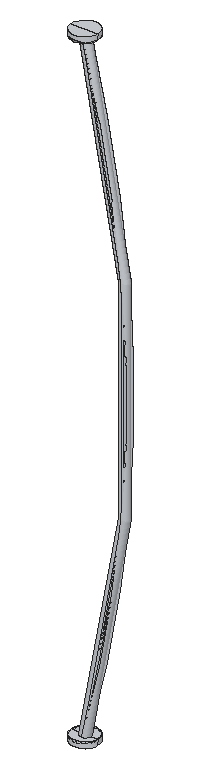
Revit family "Accessory-Shower_Rod-KOHLER-Expanse-K-9351", category Generic Models, host Face, Revit 2015
Parameters (values of type "S-Polished Stainless")
  Width = 2 13/16"  # constant formula
  URL = "http://www.us.kohler.com/us/"
  Type = 1
  Product Page URL = "http://www.us.kohler.com/onlinecatalog/detail.jsp?prod_num=9351"
  Product Name = "Expanse"  # constant formula
  Product Documentation Link = "http://www.us.kohler.com/onlinecatalog/pdf/K-9351_spec.pdf"
  Model = if(Type = 1, "K-9351-S", if(Type = 2, "K-9351-BS", "NA"))  # "K-9351-S"
  Material = "Stainless Steel"  # constant formula
  MasterFormat 2004 = "10.28.13"  # constant formula
  MasterFormat 1995 = "10820"  # constant formula
  Manufacturer Address = "444 Highland Drive, Kohler, WI 53044"  # constant formula
  Manufacturer = "Kohler"  # constant formula
  Length [instance] = 66"
  Height = 6 73/128"  # constant formula
  Finish = Metal-Kohler-S-Polished Stainless
  Description = "Expanse Curved shower rod - contemporary design"  # constant formula
  Default Elevation = 42"
  Date Modified = "09/15/2017"  # constant formula
  Date Created = "08/30/2017"  # constant formula
  Copyright = "Copyright by Kohler Co."  # constant formula
  Contact Us = "https://www.us.kohler.com/us/static/contact.jsp"
  Assembly Code = "C1030200"
  ADA Compliant = yes
Types (2): name | Type | Model | Finish
  S-Polished Stainless | 1 | "K-9351-S" | Metal-Kohler-S-Polished Stainless
  BS-Brushed Stainless | 2 | "K-9351-BS" | Metal-Kohler-BS-Brushed Stainless
Reference planes (in)
  plane 1 "Center (Front/Back)": y = 0
  plane 2: z = 0
  plane 3 "Center (Left/Right)": x = 0
  plane 4: y = 1.40625
  plane 5: y = -1.40625
  plane 6: x = -1.4006
  plane 7: x = 5.16971
  plane 8: z = 66
Dimensions and locks (in)
  "Width": plane 4 to plane 5
  "Length": plane 8 to level
  "Height": plane 6 to plane 7
  aligned and locked: plane 2 to host face
  aligned and locked: level to host face
Automatic sketch dimensions
  host sketch curve to host sketch curve = 96"  (x2)
Nested families (in)
  nested 1: "K-9351" at (0, 0, 0) x (-1, 0, 0) z (0, 0, 1), type "K-9351"
Definition of nested family "K-9351"
  Parameters (values of type "K-9351")
    Material = none
    Length = 66"
    Data = yes
  Reference planes (in)
    plane 1 "Center (Front/Back)": y = 0
    plane 2: z = 0
    plane 3 "Center (Left/Right)": x = 0
    plane 4 "Ref 1": z = 66
    plane 5: z = 65.72564
    plane 6: z = 0.27344
  Forms (in)
    Revolve 1, solid, material <- "Material"
      sketch origin (0, 0, 0) x (1, 0, 0) y (0, 0, 1)
        loop
          line (-1.39961, 0) -> (0, 0) -> (0, 0.53317) -> (-1.35978, 0.53317)
          arc (-1.35978, 0.53317) -> (-1.38794, 0.5215) -> (-1.39961, 0.49333) r 0.03983
          line (-1.39961, 0.49333) -> (-1.39961, 0)
        axis (0, 0.53317) -> (0, 0)
      angle from 0 to 360
    Revolve 2, solid, material <- "Material"
      sketch origin (0, 0, 58) x (1, 0, 0) y (0, 0, -1)
        loop
          line (-1.39961, -8) -> (0, -8) -> (0, -7.46683) -> (-1.35978, -7.46683)
          arc (-1.35978, -7.46683) -> (-1.38794, -7.4785) -> (-1.39961, -7.50667) r 0.03983
          line (-1.39961, -7.50667) -> (-1.39961, -8)
        axis (0, -7.46683) -> (0, -8)
      angle from 0 to 360
    Sweep 3, solid, material <- "Material"
      path origin (0, 0, 0) x (1, 0, 0) y (0, 0, 1)
        loop
          arc (0, 65.72564) -> (-4.66406, 32.99954) -> (0, 0.27344) r 117.14594
      profile origin (-4.66406, 0, 32.99954) x (0, -1, 0) y (1, 0, 0)
        loop
          circle (0, 0) r 0.5
  Cuts and joins
    joined: Revolve 1, Revolve 2, Sweep 3
  Lines and regions (in)
    Masking region 1
      outline origin (0, 0, 0) x (1, 0, 0) y (0, 0, 1)
        loop
          line (-1.39961, 66) -> (-1.39961, 65.50422)
          arc (-1.39961, 65.50422) -> (-1.38866, 65.4778) -> (-1.36223, 65.46685) r 0.03737
          line (-1.36223, 65.46685) -> (-0.59457, 65.46685)
          arc (-0.59457, 65.46685) -> (-5.18779, 33.00001) -> (-0.59457, 0.53317) r 117.04129
          line (-0.59457, 0.53317) -> (-1.36121, 0.53317)
          arc (-1.36121, 0.53317) -> (-1.38836, 0.52192) -> (-1.39961, 0.49477) r 0.03839
          line (-1.39961, 0.49477) -> (-1.39961, 0) -> (1.39961, 0) -> (1.39961, 0.4941)
          arc (1.39961, 0.4941) -> (1.38816, 0.52172) -> (1.36054, 0.53317) r 0.03906
          line (1.36054, 0.53317) -> (0.44684, 0.53317)
          arc (0.44684, 0.53317) -> (-4.15687, 33.00002) -> (0.44711, 65.46683) r 116.78189
          line (0.44711, 65.46683) -> (1.36054, 65.46683)
          arc (1.36054, 65.46683) -> (1.38816, 65.47828) -> (1.39961, 65.5059) r 0.03906
          line (1.39961, 65.5059) -> (1.39961, 66) -> (-1.39961, 66)
    Masking region 2
      outline origin (0, 0, 0) x (0, 1, 0) y (0, 0, 1)
        loop
          line (-1.39961, 66) -> (-1.39961, 65.5059)
          arc (-1.39961, 65.5059) -> (-1.38816, 65.47828) -> (-1.36054, 65.46683) r 0.03906
          line (-1.36054, 65.46683) -> (-0.4989, 65.46683) -> (-0.4989, 0.53317) -> (-1.36054, 0.53317)
          arc (-1.36054, 0.53317) -> (-1.38816, 0.52172) -> (-1.39961, 0.4941) r 0.03906
          line (-1.39961, 0.4941) -> (-1.39961, 0) -> (1.39961, 0) -> (1.39961, 0.4941)
          arc (1.39961, 0.4941) -> (1.38816, 0.52172) -> (1.36054, 0.53317) r 0.03906
          line (1.36054, 0.53317) -> (0.4989, 0.53317) -> (0.4989, 65.46683) -> (1.3613, 65.46683)
          arc (1.3613, 65.46683) -> (1.38839, 65.47805) -> (1.39961, 65.50514) r 0.03831
          line (1.39961, 65.50514) -> (1.39961, 66) -> (-1.39961, 66)
    Masking region 3
      outline origin (0, 0, 0) x (1, 0, 0) y (0, 1, 0)
        loop
          line (-1.30725, 0.5) -> (-4.6698, 0.5)
          arc (-4.6698, 0.5) -> (-5.1698, 0) -> (-4.6698, -0.5) r 0.5
          line (-4.6698, -0.5) -> (-1.30725, -0.5)
          arc (-1.30725, -0.5) -> (1.39961, 0) -> (-1.30725, 0.5) r 1.39961
    symbolic lines, detail levels medium+fine
      curve 1: arc (-1.30725, -0.5, 0) -> (-1.39961, 0, 0) -> (-1.30725, 0.5, 0) r 1.39961
  Dimensions and locks (in)
    locked: Revolve 1 sketch curve to Revolve 1 sketch curve at 0.53317
    locked: Revolve 1 sketch curve to Revolve 1 sketch curve at 1.39961
    locked: Revolve 2 sketch curve to Revolve 2 sketch curve at 0.53317
    locked: Revolve 2 sketch curve to Revolve 2 sketch curve at 1.39961
    locked: plane 4 "Ref 1" to plane 5 at 0.27436
    locked: plane 6 to level at 0.27344
    "Length": plane 4 "Ref 1" to level
    aligned and locked: plane 2 to level
    aligned and locked: Revolve 2 to plane 4 "Ref 1"
    aligned and locked: Masking region 1 sketch curve to plane 4 "Ref 1"
    aligned and locked: Masking region 1 sketch curve to Masking region 1 sketch curve  (x2)
    aligned and locked: Masking region 2 sketch curve to cut or joined group of Revolve 1, Revolve 2, Sweep 3  (x4)
    aligned and locked: Masking region 2 sketch curve to Masking region 2 sketch curve  (x2)
  Automatic sketch dimensions
    Revolve 1 sketch curve to level = 0"  (x2)
    Revolve 1 sketch curve to plane 3 "Center (Left/Right)" = 0"  (x2)
    Revolve 1 sketch curve to Revolve 1 sketch curve = 0.03983"
    Revolve 1 sketch curve to level = 0.40273"
    Revolve 2 sketch curve to plane 4 "Ref 1" = 0"
    Revolve 2 sketch curve to plane 3 "Center (Left/Right)" = 0"  (x2)
    Revolve 2 sketch curve to Revolve 2 sketch curve = 0.03983"
    Revolve 2 sketch curve to Revolve 2 sketch curve = 13.20863"
    Revolve 2 sketch curve to Revolve 2 sketch curve = 0.40273"
    Sweep 3 sketch curve to plane 3 "Center (Left/Right)" = 0"  (x2)
    Sweep 3 sketch curve to plane 6 = 0"
    Sweep 3 sketch curve to plane 5 = 0"
    plane 3 "Center (Left/Right)" to Sweep 3 sketch curve = 112.48188"
    plane 1 "Center (Front/Back)" to Sweep 3 sketch curve = 0"
    Sweep 3 sketch curve to profile plane = 0"
    Masking region 1 sketch curve to level = 0"
    Masking region 1 sketch curve to plane 3 "Center (Left/Right)" = 1.39961"  (x2)
    Masking region 1 sketch curve to Masking region 1 sketch curve = 0.03839"
    Masking region 1 sketch curve to plane 5 = 0.21974"
    plane 3 "Center (Left/Right)" to Masking region 1 sketch curve = 1.36054"  (x2)
    plane 6 to Masking region 1 sketch curve = 0.22067"
    Masking region 1 sketch curve to Masking region 1 sketch curve = 5/128"  (x2)
    Masking region 1 sketch curve to Masking region 1 sketch curve = 0.77153"
    Masking region 1 sketch curve to Masking region 1 sketch curve = 0.00046"
    Masking region 1 sketch curve to plane 3 "Center (Left/Right)" = 0.59457"  (x2)
    plane 3 "Center (Left/Right)" to Masking region 1 sketch curve = 0.44684"
    plane 6 to Masking region 1 sketch curve = 0.22133"
    plane 3 "Center (Left/Right)" to Masking region 1 sketch curve = 0.44711"
    Masking region 1 sketch curve to Masking region 1 sketch curve = 0.03737"
    plane 3 "Center (Left/Right)" to Masking region 1 sketch curve = 111.8535"
    plane 1 "Center (Front/Back)" to Masking region 2 sketch curve = 1.39961"  (x2)
    plane 6 to Masking region 2 sketch curve = 0.22067"  (x2)
    Masking region 2 sketch curve to Masking region 2 sketch curve = 5/128"
    plane 1 "Center (Front/Back)" to Masking region 2 sketch curve = 0.4989"
    plane 6 to Masking region 2 sketch curve = 0.25973"
    Masking region 2 sketch curve to plane 1 "Center (Front/Back)" = 0.4989"
    Masking region 2 sketch curve to Masking region 2 sketch curve = 0.86165"
    Masking region 2 sketch curve to plane 5 = 0.2205"
    Masking region 2 sketch curve to Masking region 2 sketch curve = 0.8624"
    Masking region 2 sketch curve to Masking region 2 sketch curve = 0.03831"
    plane 1 "Center (Front/Back)" to Masking region 3 sketch curve = 0"  (x2)
    Masking region 3 sketch curve to plane 3 "Center (Left/Right)" = 0"
    plane 1 "Center (Front/Back)" to Masking region 3 sketch curve = 1/2"
    Masking region 3 sketch curve to plane 3 "Center (Left/Right)" = 1.30725"
    Masking region 3 sketch curve to Masking region 3 sketch curve = 3.36255"
    plane 1 "Center (Front/Back)" to curve 1 = 0"
    curve 1 to plane 3 "Center (Left/Right)" = 0"
    curve 1 to plane 1 "Center (Front/Back)" = 1/2"
    curve 1 to plane 3 "Center (Left/Right)" = 1.30725"
    plane 1 "Center (Front/Back)" to curve 1 = 1/2"
    radius of Sweep 3 sketch curve = 1/2"
